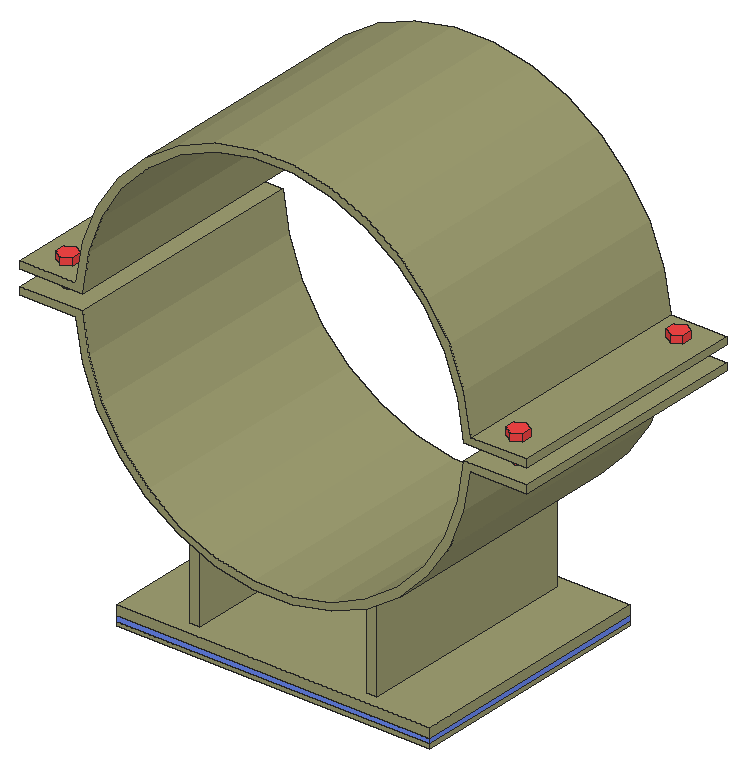
Revit family "Pipe Support with Clamp", category Pipe Fittings, Revit 2014
Parameters (values of type "Standard")
  built-in parameter 1114242 [instance] = (empty or 0)
  Pipe Support = Pipe Support
  Pipe Outside Radius [instance] = Pipe OD / 2  # 304.8 mm
  Pipe OD [instance] = size_lookup(Lookup Table Name, "POD", Nominal Diameter + 0 mm, Nominal Diameter)  # 609.6 mm
  Pipe Insulation Thick [instance] = 50 mm
  Nominal Radius [instance] = Nominal Diameter / 2  # 300 mm
  Nominal Diameter [instance] = 600 mm
  Neoprene Pad = Rubber
  Lookup Table Name = "Pipe Support with Clamp"
  built-in parameter 1114238 [instance] = 1
  Fasteners = Fasteners
  Dimension-X [instance] = size_lookup(Lookup Table Name, "DIMX", Nominal Diameter + 0 mm, Nominal Diameter)  # 16 mm
  Dimension_T [instance] = size_lookup(Lookup Table Name, "DIMT", Nominal Diameter + 0 mm, Nominal Diameter)  # 12 mm
  Dimension-R [instance] = size_lookup(Lookup Table Name, "DIMR", Nominal Diameter + 0 mm, Nominal Diameter)  # 20 mm
  Dimension-H [instance] = size_lookup(Lookup Table Name, "DIMH", Nominal Diameter + 0 mm, Nominal Diameter)  # 320 mm
  Dimension-G [instance] = size_lookup(Lookup Table Name, "DIMG", Nominal Diameter + 0 mm, Nominal Diameter)  # 430 mm
  Dimension-F [instance] = size_lookup(Lookup Table Name, "DIMF", Nominal Diameter + 0 mm, Nominal Diameter)  # 500 mm
  Dimension-E2 [instance] = size_lookup(Lookup Table Name, "DIME2", Nominal Diameter + 0 mm, Nominal Diameter)  # 55 mm
  Dimension-E1 [instance] = size_lookup(Lookup Table Name, "DIME1", Nominal Diameter + 0 mm, Nominal Diameter)  # 45 mm
  Dimension-E [instance] = size_lookup(Lookup Table Name, "DIME", Nominal Diameter + 0 mm, Nominal Diameter)  # 300 mm
  Dimension-D [instance] = size_lookup(Lookup Table Name, "DIMD", Nominal Diameter + 0 mm, Nominal Diameter)  # 135 mm
  Dimension-C [instance] = size_lookup(Lookup Table Name, "DIMC", Nominal Diameter + 0 mm, Nominal Diameter)  # 20 mm
  Dimension-B [instance] = size_lookup(Lookup Table Name, "DIMB", Nominal Diameter + 0 mm, Nominal Diameter)  # 400 mm
  Dimension-A [instance] = size_lookup(Lookup Table Name, "DIMA", Nominal Diameter + 0 mm, Nominal Diameter)  # 360 mm
  Clamp Outer Radius [instance] = Pipe Outside Radius + Dimension_T  # 316.8 mm
Reference planes
  plane 1 "Center (Front/Back)": y = 0
  plane 2: z = 0
  plane 3 "Center (Left/Right)": x = 0
  plane 4: z = -430
  plane 5 "Neoprene": z = -438
  plane 6 "Bot": z = -444
  plane 7: z = -414
  plane 8: z = -279
  plane 9: x = -250
  plane 10: x = 250
  plane 11: x = -150
  plane 12: x = 150
  plane 13: x = -134
  plane 14: x = 134
  plane 15: y = 180
  plane 16: y = -180
  plane 17 "E1": y = 200
  plane 18 "E2": y = -200
  plane 19: z = 12.5
  plane 20: z = -12.5
  plane 21: x = 304.8
  plane 22: x = 359.8
  plane 23: x = 404.8
  plane 24: x = -304.8
  plane 25: x = -359.8
  plane 26: x = -404.8
  plane 27 "Clamp-Bot": z = -24.5
  plane 28 "Clamp-Top": z = 24.5
  plane 29: y = -200
  plane 30: y = 200
  plane 31: y = 160
  plane 32: y = -160
  plane 33: x = -479.8
  plane 34: x = 479.8
Forms (mm)
  Extrusion 1, solid, material "Pipe Support" <- "Pipe Support"
    sketch origin (0, 0, -444) x (-1, 0, 0) y (0, -1, 0)
      loop
        line (250, 200) -> (-250, 200) -> (-250, -200) -> (250, -200) -> (250, 200)
    from 0 to 6
  Extrusion 2, solid, material "Rubber"
    sketch origin (0, 0, -438) x (-1, 0, 0) y (0, -1, 0)
      loop
        line (250, 200) -> (-250, 200) -> (-250, -200) -> (250, -200) -> (250, 200)
    from 0 to 8
  Extrusion 3, solid, material "Pipe Support" <- "Pipe Support"
    sketch origin (0, 0, -444) x (-1, 0, 0) y (0, -1, 0)
      loop
        line (250, 200) -> (-250, 200) -> (-250, -200) -> (250, -200) -> (250, 200)
    from 14 to 30
  Extrusion 4, solid, material "Pipe Support" <- "Pipe Support"
    sketch origin (0, -200, 0) x (-1, 0, 0) y (0, 0, 1)
      loop
        line (150, -414) -> (150, -279) -> (134, -279) -> (134, -414) -> (150, -414)
    from 20 to 380
  Extrusion 5, solid, material "Pipe Support"
    sketch origin (0, -200, 0) x (-1, 0, 0) y (0, 0, 1)
      loop
        arc (-315.851, -24.5) -> (0, -316.8) -> (315.851, -24.5) r 316.8
        line (315.851, -24.5) -> (404.8, -24.5) -> (404.8, -12.5) -> (304.544, -12.5)
        arc (304.544, -12.5) -> (0, -304.8) -> (-304.544, -12.5) r 304.8
        line (-304.544, -12.5) -> (-404.8, -12.5) -> (-404.8, -24.5) -> (-315.851, -24.5)
    from 0 to 400
  Extrusion 6, solid, material "Pipe Support"
    sketch origin (0, -200, 0) x (-1, 0, 0) y (0, 0, 1)
      loop
        line (-315.851, 24.5) -> (-404.8, 24.5) -> (-404.8, 12.5) -> (-304.544, 12.5)
        arc (-304.544, 12.5) -> (0, 304.8) -> (304.544, 12.5) r 304.8
        line (304.544, 12.5) -> (404.8, 12.5) -> (404.8, 24.5) -> (315.851, 24.5)
        arc (315.851, 24.5) -> (0, 316.8) -> (-315.851, 24.5) r 316.8
    from 0 to 400
  Extrusion 7, solid, material "Pipe Support" <- "Pipe Support"
    sketch origin (0, -200, 0) x (-1, 0, 0) y (0, 0, 1)
      loop
        line (-134, -414) -> (-134, -279) -> (-150, -279) -> (-150, -414) -> (-134, -414)
    from 20 to 380
Lines and regions (mm)
  symbolic lines
    curve 1: line (-404.8, -200, 0) -> (404.8, -200, 0)
    curve 2: line (-404.8, 200, 0) -> (-404.8, -200, 0)
    curve 3: line (404.8, 200, 0) -> (-404.8, 200, 0)
    curve 4: line (404.8, -200, 0) -> (404.8, 200, 0)
    curve 5: line (-315.851, -200, 0) -> (-315.851, 200, 0)
    curve 6: line (315.851, -200, 0) -> (315.851, 200, 0)
  symbolic lines, style "Pipe Fitting-Center"
    curve 7: line (-479.8, 0, 0) -> (479.8, 0, 0)
Dimensions and locks
  "Dimension-G": level to plane 4
  locked: plane 4 to plane 5 "Neoprene" at 8
  locked: plane 5 "Neoprene" to plane 6 "Bot" at 6
  "Dimension-X": plane 7 to plane 4
  "Dimension-D": plane 8 to plane 7
  equal spacing: plane 10, plane 3 "Center (Left/Right)", plane 9
  "Dimension-F": plane 10 to plane 9
  equal spacing: plane 12, plane 3 "Center (Left/Right)", plane 11
  "Dimension-E": plane 12 to plane 11
  "Dimension-X": plane 13 to plane 11
  "Dimension-X": plane 12 to plane 14
  equal spacing: plane 15, plane 1 "Center (Front/Back)", plane 16
  "Dimension-A": plane 15 to plane 16
  "Dimension-C": plane 17 "E1" to plane 15
  "Dimension-C": plane 16 to plane 18 "E2"
  plane 19 to level to plane 20 = 12.5 mm locked, 12.5 mm locked
  equal spacing: plane 21, plane 3 "Center (Left/Right)", plane 24
  "Pipe OD": plane 21 to plane 24
  "Dimension-E2": plane 22 to plane 21
  "Dimension-E1": plane 23 to plane 22
  "Dimension-E2": plane 24 to plane 25
  "Dimension-E1": plane 25 to plane 26
  "Dimension_T": plane 20 to plane 27 "Clamp-Bot"
  "Dimension_T": plane 28 "Clamp-Top" to plane 19
  equal spacing: plane 30, plane 1 "Center (Front/Back)", plane 29
  "Dimension-B": plane 30 to plane 29
  equal spacing: plane 31, plane 1 "Center (Front/Back)", plane 32
  "Dimension-H": plane 31 to plane 32
  locked: plane 33 to plane 26 at 75
  locked: plane 23 to plane 34 at 75
  aligned and locked: plane 5 "Neoprene" to Extrusion 1
  aligned and locked: plane 7 to Extrusion 3
  aligned and locked: Extrusion 3 to plane 4
  aligned and locked: plane 15 to Extrusion 4
  aligned and locked: Extrusion 4 to plane 16
  aligned and locked: plane 17 "E1" to Extrusion 5
  aligned and locked: plane 17 "E1" to Extrusion 6
  aligned and locked: plane 4 to Extrusion 2
  aligned and locked: plane 25 to nested 1
  aligned and locked: nested 1 to plane 28 "Clamp-Top"
  aligned and locked: nested 1 to plane 31
  aligned and locked: plane 25 to nested 2
  aligned and locked: nested 2 to plane 31
  aligned and locked: plane 25 to nested 3
  aligned and locked: nested 3 to plane 32
  aligned and locked: plane 25 to nested 4
  aligned and locked: nested 5 to plane 31
  aligned and locked: plane 22 to nested 5
  aligned and locked: nested 6 to plane 31
  aligned and locked: plane 22 to nested 6
  aligned and locked: plane 22 to nested 7
  aligned and locked: nested 7 to plane 32
  aligned and locked: nested 8 to plane 32
  aligned and locked: plane 22 to nested 8
  aligned and locked: nested 4 to plane 32
  aligned and locked: plane 15 to Extrusion 7
  aligned and locked: Extrusion 7 to plane 16
  aligned and locked: nested 4 to Extrusion 5
  aligned and locked: nested 3 to Extrusion 6
  aligned and locked: nested 7 to plane 28 "Clamp-Top"
  aligned and locked: plane 27 "Clamp-Bot" to nested 8
  aligned and locked: nested 5 to plane 28 "Clamp-Top"
  aligned and locked: plane 27 "Clamp-Bot" to nested 6
  aligned and locked: plane 27 "Clamp-Bot" to nested 2
Automatic sketch dimensions
  Extrusion 1 sketch curve to plane 10 = 0 mm
  Extrusion 1 sketch curve to plane 9 = 0 mm
  Extrusion 1 sketch curve to plane 17 "E1" = 0 mm
  Extrusion 1 sketch curve to plane 18 "E2" = 0 mm
  Extrusion 2 sketch curve to plane 10 = 0 mm
  Extrusion 2 sketch curve to plane 9 = 0 mm
  Extrusion 2 sketch curve to plane 17 "E1" = 0 mm
  Extrusion 2 sketch curve to plane 18 "E2" = 0 mm
  Extrusion 3 sketch curve to plane 10 = 0 mm
  Extrusion 3 sketch curve to plane 9 = 0 mm
  Extrusion 3 sketch curve to plane 17 "E1" = 0 mm
  Extrusion 3 sketch curve to plane 18 "E2" = 0 mm
  Extrusion 4 sketch curve to plane 7 = 0 mm
  Extrusion 4 sketch curve to plane 13 = 0 mm
  Extrusion 4 sketch curve to plane 8 = 0 mm
  Extrusion 4 sketch curve to plane 11 = 0 mm
  Extrusion 5 sketch curve to Extrusion 5 sketch curve = 0 mm  (x2)
  Extrusion 5 sketch curve to plane 23 = 0 mm
  Extrusion 5 sketch curve to plane 27 "Clamp-Bot" = 0 mm  (x2)
  Extrusion 5 sketch curve to plane 20 = 0 mm  (x2)
  Extrusion 5 sketch curve to level = 0 mm
  Extrusion 5 sketch curve to plane 3 "Center (Left/Right)" = 0 mm
  Extrusion 5 sketch curve to plane 26 = 0 mm
  plane 21 to Extrusion 5 sketch curve = 11.051 mm
  Extrusion 5 sketch curve to plane 21 = 0.256 mm
  Extrusion 6 sketch curve to Extrusion 6 sketch curve = 0 mm  (x2)
  Extrusion 6 sketch curve to plane 23 = 0 mm
  Extrusion 6 sketch curve to plane 28 "Clamp-Top" = 0 mm  (x2)
  Extrusion 6 sketch curve to plane 19 = 0 mm  (x2)
  Extrusion 6 sketch curve to level = 0 mm
  Extrusion 6 sketch curve to plane 3 "Center (Left/Right)" = 0 mm
  Extrusion 6 sketch curve to plane 26 = 0 mm
  Extrusion 6 sketch curve to plane 21 = 11.051 mm
  plane 21 to Extrusion 6 sketch curve = 0.256 mm
  Extrusion 7 sketch curve to plane 7 = 0 mm
  Extrusion 7 sketch curve to plane 12 = 0 mm
  Extrusion 7 sketch curve to plane 8 = 0 mm
  Extrusion 7 sketch curve to plane 14 = 0 mm
  plane 1 "Center (Front/Back)" to curve 7 = 0 mm
  curve 7 to plane 33 = 0 mm
  curve 1 to plane 18 "E2" = 0 mm
  curve 1 to plane 26 = 0 mm
  curve 5 to plane 17 "E1" = 0 mm
  curve 4 to plane 23 = 0 mm
  curve 7 to plane 34 = 0 mm
  curve 5 to plane 24 = 11.051 mm
  plane 21 to curve 6 = 11.051 mm
Nested families
  nested 1: "Bolt" at (-359.8, 160, 24.5), type "M16"
    with Bolt Length 70 mm
  nested 2: "Nut" at (-359.8, 160, -37.3), type "M16"
  nested 3: "Bolt" at (-359.8, -160, 24.5), type "M16"
    with Bolt Length 70 mm
  nested 4: "Nut" at (-359.8, -160, -37.3), type "M16"
  nested 5: "Bolt" at (359.8, 160, 24.5), type "M16"
    with Bolt Length 70 mm
  nested 6: "Nut" at (359.8, 160, -37.3), type "M16"
  nested 7: "Bolt" at (359.8, -160, 24.5), type "M16"
    with Bolt Length 70 mm
  nested 8: "Nut" at (359.8, -160, -37.3), type "M16"
Connectors
  piping at (0, 0, 0), diameter 600, driven by "Nominal Diameter"
    settings: index 1, connector inside diameter 609.6 mm, connector length 0 mm, flow factor 0, pipe flow 0.0 L/s, pressure drop 0.0 Pa, fitting loss kfactor 0, connector angle 0.00°, fixture units 0, engagement length 0 mm, angle of deflection 0.00°, flow configuration 0, flow direction 0, fitting loss method 0, system type 28, joint type 0, gender type 0, connector reference index -1, connector utility 0, adjustable connector no, is connector primary yes, connector description ""
Definition of nested family "Bolt"
  Parameters (values of type "M10")
    Fasteners = Fasteners
    Dim_3 = Bolt Dia * 1.7321 / 2  # 8.661 mm
    Bolt Length [instance] = 70 mm
    Bolt Height = Bolt Dia * 0.7  # 7 mm
    Bolt Dia = 10 mm
  Types (8, lengths in mm): name | Fasteners | Dim_3 | Bolt Length | Bolt Height | Bolt Dia
    M6 | none | 5.196 | 60 | 4.2 | 6
    M8 | none | 6.928 | 60 | 5.6 | 8
    M10 | Fasteners | 8.661 | 70 | 7 | 10
    M12 | none | 10.393 | 60 | 8.4 | 12
    M16 | Fasteners | 13.857 | 60 | 11.2 | 16
    M20 | none | 17.321 | 60 | 14 | 20
    M24 | none | 20.785 | 60 | 16.8 | 24
    M30 | none | 25.982 | 60 | 21 | 30
  Reference planes
    plane 1 "Center (Front/Back)": y = 0
    plane 2: z = 0
    plane 3 "Center (Left/Right)": x = 0
    plane 4: z = 7
    plane 5: z = -70
    plane 6: x = -5
    plane 7: x = 5
    plane 8: z = -68
    plane 9: through (0, 0, 1200) normal (-0.5, 0.866, 0)
    plane 10: through (0, 0, 1200) normal (0.5, 0.866, 0)
    plane 11: y = 10
    plane 12: y = -10
    plane 13: x = -8.66
    plane 14: x = 8.661
  Forms (mm)
    Extrusion 1, solid, material "Fasteners" <- "Fasteners"
      sketch origin (0, 0, 0) x (1, 0, 0) y (0, 1, 0)
        loop
          line (-8.66, -5) -> (0, -10.001) -> (8.661, -5) -> (8.661, 5) -> (0, 10.001) -> (-8.66, 5) -> (-8.66, -5)
      from 0 to 7
    Revolve 2, solid, material "Fasteners" <- "Fasteners"
      sketch origin (0, 0, 0) x (1, 0, 0) y (0, 0, 1)
        loop
          line (-5, 0) -> (-5, -68) -> (-3, -70) -> (0, -70) -> (0, 0) -> (-5, 0)
        axis (0, 0) -> (0, -70)
      angle from 0 to 360
  Dimensions and locks
    "Bolt Height": plane 4 to level
    "Bolt Length": level to plane 5
    equal spacing: plane 7, plane 3 "Center (Left/Right)", plane 6
    "Bolt Dia": plane 7 to plane 6
    plane 8 to plane 5 = 2 mm
    "Bolt Dia": plane 1 "Center (Front/Back)" to plane 12
    "Bolt Dia": plane 1 "Center (Front/Back)" to plane 11
    "Dim_3": plane 13 to plane 3 "Center (Left/Right)"
    "Dim_3": plane 3 "Center (Left/Right)" to plane 14
    aligned and locked: level to plane 2
    aligned and locked: plane 4 to Extrusion 1
  Automatic sketch dimensions
    Extrusion 1 sketch curve to plane 10 = 0 mm  (x2)
    Extrusion 1 sketch curve to plane 3 "Center (Left/Right)" = 0 mm  (x2)
    Extrusion 1 sketch curve to plane 9 = 0 mm  (x2)
    Extrusion 1 sketch curve to plane 14 = 0 mm
    Extrusion 1 sketch curve to plane 13 = 0 mm
    plane 11 to Extrusion 1 sketch curve = 0.001 mm
    Extrusion 1 sketch curve to plane 12 = 0.001 mm
    Revolve 2 sketch curve to level = 0 mm
    Revolve 2 sketch curve to plane 6 = 0 mm
    Revolve 2 sketch curve to plane 5 = 0 mm
    Revolve 2 sketch curve to plane 3 "Center (Left/Right)" = 0 mm  (x2)
    Revolve 2 sketch curve to plane 8 = 0 mm
    plane 6 to Revolve 2 sketch curve = 2 mm
    Revolve 2 sketch curve to plane 5 = 11.895 mm
    plane 4 to Revolve 2 sketch curve = 0.559 mm
Definition of nested family "Nut"
  Parameters (values of type "M30")
    Fasteners = Fasteners
    Dim_3 = Nut Dia * 1.7321 / 2  # 25.982 mm
    Nut Height = Nut Dia * 0.8  # 24 mm
    Nut Dia = 30 mm
  Types (9, lengths in mm): name | Fasteners | Dim_3 | Nut Height | Nut Dia
    (no name) | Fasteners | 25.982 | 24 | 30
    M6 | none | 5.196 | 4.8 | 6
    M8 | none | 6.928 | 6.4 | 8
    M10 | none | 8.661 | 8 | 10
    M12 | none | 10.393 | 9.6 | 12
    M16 | none | 13.857 | 12.8 | 16
    M20 | none | 17.321 | 16 | 20
    M24 | none | 20.785 | 19.2 | 24
    M30 | Fasteners | 25.982 | 24 | 30
  Reference planes
    plane 1 "Center (Front/Back)": y = 0
    plane 2: z = 0
    plane 3 "Center (Left/Right)": x = 0
    plane 4: z = 24
    plane 5: z = -60
    plane 6: x = -15
    plane 7: x = 15
    plane 8: z = -58
    plane 9: through (0, 0, 1200) normal (-0.5, 0.866, 0)
    plane 10: through (0, 0, 1200) normal (0.5, 0.866, 0)
    plane 11: y = 30
    plane 12: y = -30
    plane 13: x = -25.981
    plane 14: x = 25.982
  Forms (mm)
    Extrusion 1, solid, material "Fasteners" <- "Fasteners"
      sketch origin (0, 0, 0) x (1, 0, 0) y (0, 1, 0)
        loop
          line (-25.982, -15) -> (0, -30.001) -> (25.982, -15) -> (25.982, 15) -> (0, 30.001) -> (-25.982, 15) -> (-25.982, -15)
        loop
          circle (0, 0) r 15
      from 0 to 24
  Dimensions and locks
    "Nut Height": plane 4 to level
    level to plane 5 = 60 mm
    equal spacing: plane 7, plane 3 "Center (Left/Right)", plane 6
    "Nut Dia": plane 7 to plane 6
    plane 8 to plane 5 = 2 mm
    "Nut Dia": plane 1 "Center (Front/Back)" to plane 12
    "Nut Dia": plane 1 "Center (Front/Back)" to plane 11
    "Dim_3": plane 13 to plane 3 "Center (Left/Right)"
    "Dim_3": plane 3 "Center (Left/Right)" to plane 14
    "Nut Dia": diameter of Extrusion 1 sketch curve
    aligned and locked: level to plane 2
    aligned and locked: plane 4 to Extrusion 1
  Automatic sketch dimensions
    Extrusion 1 sketch curve to plane 10 = 0 mm  (x2)
    Extrusion 1 sketch curve to plane 13 = 0 mm
    Extrusion 1 sketch curve to plane 3 "Center (Left/Right)" = 0 mm  (x3)
    plane 1 "Center (Front/Back)" to Extrusion 1 sketch curve = 0 mm
    Extrusion 1 sketch curve to plane 14 = 0 mm
    Extrusion 1 sketch curve to plane 9 = 0 mm  (x2)
    Extrusion 1 sketch curve to plane 12 = 0.001 mm
    plane 11 to Extrusion 1 sketch curve = 0.001 mm
